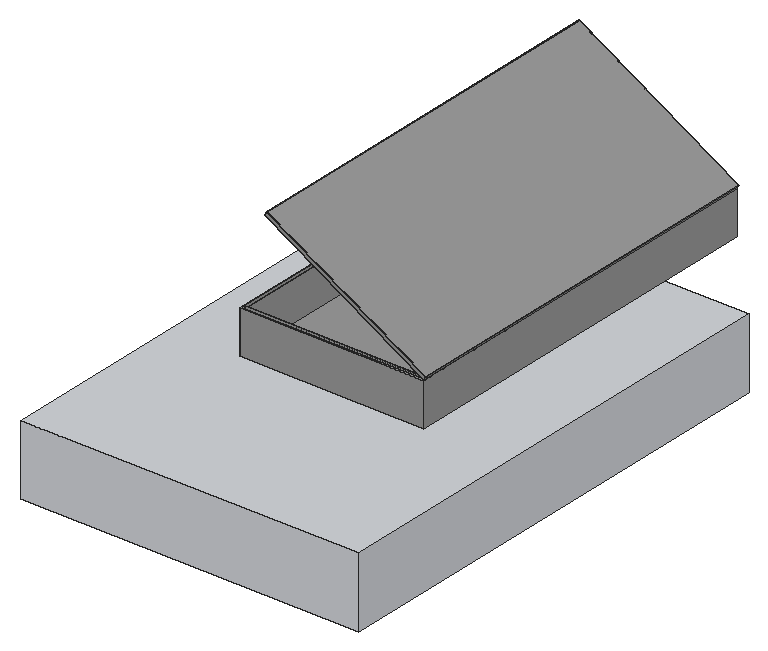
Revit family "Hager-Univers-IP44-D205-H1700-Cl.I-Encl-CH-de", category Equipement électrique, Revit 2020
Family settings
  Hôte = Face
  Configuration du panneau = Deux colonnes, circuits au sein
  Cote de connecteur circulaire = Utiliser le diamètre
  Type d'élément = Tableau de raccordement
  Couper avec des vides une fois chargée = Non
  Partagée = Non
  Point de calcul de pièce = Non
Parameters (values of type "Aufputz IP44 B800 H1700 T205  - FP13TN2")
  Width Control [instance] = if([EF000008 - Breite] > Min Width, [EF000008 - Breite], Min Width)  # 800 mm
  Commentaires du type = [HG000003 - Bereich]  # "Univers"
  Thickness Door [instance] = if([EF009171 - Materialstärke Tür/Deckel] > 3 mm, 3 mm, [EF009171 - Materialstärke Tür/Deckel])  # 1 mm
  Seal Frame Offset [instance] = 17 mm  # constant formula
  Plinth Visibility [instance] = [HG000027 - Sockelhöhe] > 0 mm  # no
  Model = ""
  Min Width [instance] = 100 mm  # constant formula
  Min Height [instance] = 100 mm  # constant formula
  Min Depth [instance] = (2 * [EF009170 - Materialstärke Gehäuse]) + 1 mm  # 3 mm
  Internal Frame Depth [instance] = (Door System Depth * 0.5)  # 9 mm
  Height Control [instance] = if([EF000040 - Höhe] > Min Height, [EF000040 - Höhe], Min Height)  # 1700 mm
  HG000027 - Sockelhöhe = 0 mm
  HG000026 - Stehend auf dem Boden = no
  HG000024 - Höhe des unteren Teils = 800 mm
  HG000023 - Gehäuse mit doppeltem Querschnitt = no
  HG000016 - 3D-Türsichtbarkeit [instance] = yes
  HG000015 - Sichtbarkeit der Türöffnung [instance] = no
  HG000014 - Tür rechts [instance] = yes
  HG000013 - Tür links [instance] = not([HG000014 - Tür rechts])  # no
  HG000012 - Türschwenkwinkel [instance] = 30.00°
  HG000010 - Asymmetrische Türen = no
  HG000009 - Doppelflügeligen Tür = no
  HG000006 - Unterputz = no
  HG000004 - Herstellerreferenz = "FP13TN2"
  HG000003 - Bereich = "Univers"
  HG000002 - Mit tür = yes
  Frame Offset Bottom [instance] = 10 mm  # constant formula
  Frame Offset [instance] = 15 mm  # constant formula
  EF015940 - Deckel mit Überdruckentlastung = no
  EF011959 - Schutzart (NEMA) = ""
  EF009554 - Anzahl der Öffnungen für Flanschplatten = 6
  Fabricant = "Hager"  # constant formula
  EF009212 - Ausführung Deckel = "EV000116 - geschlossen"
  EF009171 - Materialstärke Tür/Deckel = 1 mm
  EF009170 - Materialstärke Gehäuse = 1 mm
  EF008873 - Nennstrom (In) = 400 A
  EF007800 - Geeignet für Blitzschutz = no
  EF006306 - Mit Schloss = no
  EF006244 - Transparenter Deckel/Tür = no
  EF005474 - Schutzart (IP) = "EV006418 - IP44"
  EF004464 - Art der Tür = "EV002646 - Einzel"
  EF004427 - Anzahl der Module = 396
  EF004293 - Schlagfestigkeit = "EV006815 - IK09"
  EF003532 - Geeignet für Außengebrauch = no
  EF002950 - Breite in Teilungseinheiten = 36
  EF001613 - Funktionserhalt = "EV000494 - ohne"
  EF001596 - Werkstoff des Gehäuses = "EV000179 - Stahl"
  EF001131 - Innentiefe = 205 mm
  EF001088 - Anbaumöglichkeit = yes
  EF000437 - Anzahl der Leitungseinführungen = 6
  EF000339 - Art der Abdeckung = "EV001012 - Deckel"
  EF000266 - Anzahl der Reihen = 11
  EF000218 - Einbautiefe = 205 mm
  EF000118 - Mit Montageplatte = no
  EF000116 - RAL-Nummer = "9010"
  EF000049 - Tiefe = 205 mm
  EF000040 - Höhe = 1700 mm
  EF000008 - Breite = 800 mm
  EF000007 - Farbe = "EV000202 - weiß"
  EF000003 - Montageart = "EV000384 - Aufputz"
  Door System Leaf Tolerance [instance] = 1.5 mm  # constant formula
  Door System Depth [instance] = 18 mm  # constant formula
  Door Height [instance] = Height Control - [HG000027 - Sockelhöhe]  # 1700 mm
  Depth Control [instance] = if([EF000049 - Tiefe] > Min Depth, [EF000049 - Tiefe], Min Depth)  # 205 mm
  Default Elevation = 0 mm
  Connector Offset [instance] = Height Control / 2  # 850 mm
  Bottom Top Plate Trim [instance] = 1.5 mm  # constant formula
  Plinth height Ctrl [instance] = if([HG000027 - Sockelhöhe] > 0 mm, [HG000027 - Sockelhöhe], 12 mm)  # 12 mm
Types (5, lengths in mm): name | Width Control | HG000010 - Asymmetrische Türen | HG000009 - Doppelflügeligen Tür | HG000004 - Herstellerreferenz | EF009554 - Anzahl der Öffnungen für Flanschplatten | EF008873 - Nennstrom (In) | EF004464 - Art der Tür | EF004427 - Anzahl der Module | EF002950 - Breite in Teilungseinheiten | EF000437 - Anzahl der Leitungseinführungen | EF000008 - Breite
  Aufputz IP44 B1050 H1700 T205  - FP14TN2 | 1050 | no | yes | "FP14TN2" | 8 | 400 A | "EV003602 - Doppel" | 528 | 48 | 8 | 1050
  Aufputz IP44 B1300 H1700 T205  - FP15TN2 | 1300 | yes | yes | "FP15TN2" | 10 | 400 A | "EV003602 - Doppel" | 660 | 60 | 10 | 1300
  Aufputz IP44 B300 H1700 T205  - FP11TN2 | 300 | no | no | "FP11TN2" | 2 | 250 A | "EV002646 - Einzel" | 132 | 12 | 2 | 300
  Aufputz IP44 B550 H1700 T205  - FP12TN2 | 550 | no | no | "FP12TN2" | 4 | 250 A | "EV002646 - Einzel" | 264 | 24 | 4 | 550
  Aufputz IP44 B800 H1700 T205  - FP13TN2 | 800 | no | no | "FP13TN2" | 6 | 400 A | "EV002646 - Einzel" | 396 | 36 | 6 | 800
Reference planes
  plane 1 "Center (Front/Back)": y = 0
  plane 2: z = 0
  plane 3 "Center (Left/Right)": x = 0
  plane 4: z = 205
  plane 5: y = 1
  plane 6: y = 850
  plane 7: y = 0
  plane 8: y = 1700
  plane 9: z = 0
  plane 10: x = -385
  plane 11: x = 385
  plane 12: x = 384
  plane 13: x = -384
  plane 14: y = 1699
  plane 15: x = -383
  plane 16: x = -400
  plane 17: x = 383
  plane 18: x = 400
  plane 19: x = 399
  plane 20: x = -399
  plane 21: y = 11
  plane 22: y = 1700
  plane 23: y = 1684
  plane 24: z = 187
  plane 25: z = 1
  plane 26: z = 186
  plane 27: z = 204
Forms (mm)
  Extrusion 1, solid
    sketch origin (0, 0, 0) x (1, 0, 0) y (0, 1, 0)
      loop
        line (-702.964, 1305) -> (-702.964, -811.445) -> (766.763, -811.445) -> (766.763, 1305) -> (-702.964, 1305)
    from 0 to -304.8
  Extrusion 2, solid, material "Hager_Steel_RAL7035_Light_Grey", visible <- "Plinth Visibility", detail levels medium+fine
    sketch origin (0, 0, 0) x (1, 0, 0) y (0, 1, 0)
      loop
        line (-400, 0) -> (400, 0) -> (400, 12) -> (-400, 12) -> (-400, 0)
    from 0 to 187
  Extrusion 3, solid, material "Hager_Steel_RAL7035_Light_Grey", detail levels medium+fine
    sketch origin (0, 0, 0) x (1, 0, 0) y (0, 1, 0)
      loop
        line (-400, 0) -> (400, 0) -> (400, 1700) -> (-400, 1700) -> (-400, 0)
    from 0 to 187
  Extrusion 4, void
    sketch origin (0, 0, 0) x (1, 0, 0) y (0, 1, 0)
      loop
        line (-399, 1) -> (399, 1) -> (399, 1699) -> (-399, 1699) -> (-399, 1)
    from 1 to 186
  Extrusion 5, void
    sketch origin (-381.607, -4572, 187) x (0, -1, 0) y (-1, 0, 0)
      loop
        line (-4583, 2.393) -> (-6256, 2.393) -> (-6256, -765.607) -> (-4583, -765.607) -> (-4583, 2.393)
    from 0 to 1 <- "EF009170 - Materialstärke Gehäuse"
  Extrusion 6, solid, material "Hager_Steel_RAL7035_Light_Grey", detail levels fine
    sketch origin (0, 0, 187) x (1, 0, 0) y (0, 1, 0)
      loop
        line (-384, 1684) -> (-384, 11) -> (384, 11) -> (384, 1684) -> (-384, 1684)
      loop
        line (-385, 10) -> (385, 10) -> (385, 1685) -> (-385, 1685) -> (-385, 10)
    from 0 to 9 <- "Internal Frame Depth"
  Extrusion 7, solid, material "Hager_Steel_RAL7035_Light_Grey", detail levels coarse
    sketch origin (0, 0, 0) x (1, 0, 0) y (0, 1, 0)
      loop
        line (-400, 0) -> (400, 0) -> (400, 1700) -> (-400, 1700) -> (-400, 0)
    from 0 to 205
  Sweep 8, void
    path in 3D
      loop
        line (-400, 12, 0) -> (400, 12, 0) -> (400, 12, 187) -> (-400, 12, 187) -> (-400, 12, 0)
    profile origin (-400, 12, 93.5) x (-1, 0, 0) y (0, -1, 0)
      loop
        line (0, 0) -> (0, 1.5) -> (-1.5, 1.5)
        arc (-1.5, 1.5) -> (-1.061, 0.439) -> (0, 0) r 1.5
Cuts and joins
  Extrusion 4, Extrusion 5 cuts Extrusion 3
  Sweep 8 cuts Extrusion 2
Lines and regions (mm)
  Masking region 1
    outline origin (0, 0, 0) x (1, 0, 0) y (0, 0, 1)
      loop
        line (-400, 205) -> (-400, 0) -> (400, 0) -> (400, 205) -> (-400, 205)
  Masking region 2, detail levels medium+fine
    outline origin (0, 140, 0) x (0, 1, 0) y (0, 0, 1)
      loop
        line (-140, 0) -> (1560, 0) -> (1560, 187) -> (-140, 187) -> (-140, 0)
  Masking region 3, not visible, detail levels medium+fine
    outline origin (0, 297.922, 0) x (0, 1, 0) y (0, 0, 1)
      loop
        line (563.578, 0) -> (603.578, 0) -> (603.578, 194)
        arc (603.578, 194) -> (600.649, 201.071) -> (593.578, 204) r 10
        line (593.578, 204) -> (563.578, 204) -> (563.578, 0)
  Masking region 4, detail levels coarse
    outline origin (0, 0, 180) x (0, 1, 0) y (0, 0, 1)
      loop
        line (0, -180) -> (1700, -180) -> (1700, 25) -> (0, 25) -> (0, -180)
  Masking region 5, visible <- "Plinth Visibility", detail levels medium+fine
    outline origin (0, 52.24, 12.345) x (0, 0, -1) y (0, 1, 0)
      loop
        line (10.845, -40.24) -> (-173.155, -40.24)
        arc (-173.155, -40.24) -> (-173.594, -41.301) -> (-174.655, -41.74) r 1.5
        line (-174.655, -41.74) -> (-174.655, -52.24) -> (12.345, -52.24) -> (12.345, -41.74)
        arc (12.345, -41.74) -> (11.285, -41.301) -> (10.845, -40.24) r 1.5
  Masking region 6, detail levels medium+fine
    outline origin (-381.607, -4572, 187) x (-1, 0, 0) y (0, -1, 0)
      loop
        line (18.393, -6272) -> (18.393, -4572) -> (-781.607, -4572) -> (-781.607, -6272) -> (18.393, -6272)
  Masking region 7, visible <- "Plinth Visibility", detail levels medium+fine
    outline origin (-381.607, -4727, 187) x (-1, 0, 0) y (0, -1, 0)
      loop
        arc (16.893, -4739) -> (17.332, -4737.939) -> (18.393, -4737.5) r 1.5
        line (18.393, -4737.5) -> (18.393, -4727) -> (-781.607, -4727) -> (-781.607, -4737.5)
        arc (-781.607, -4737.5) -> (-780.546, -4737.939) -> (-780.107, -4739) r 1.5
        line (-780.107, -4739) -> (16.893, -4739)
  Masking region 8, detail levels coarse
    outline origin (-442.548, -4669.526, 187) x (-1, 0, 0) y (0, -1, 0)
      loop
        line (-42.548, -6369.526) -> (-42.548, -4669.526) -> (-842.548, -4669.526) -> (-842.548, -6369.526) -> (-42.548, -6369.526)
  sketch lines
    curve 1: line (-400, 12, 187) -> (-400, 12, 0)
    curve 2: line (400, 12, 187) -> (-400, 12, 187)
    curve 3: line (400, 12, 187) -> (400, 12, 0)
    curve 4: line (-400, 12, 0) -> (400, 12, 0)
Dimensions and locks
  "Depth Control": plane 4 to Extrusion 1
  "HG000027 - Sockelhöhe": plane 1 "Center (Front/Back)" to plane 7
  "EF009170 - Materialstärke Gehäuse": plane 5 to plane 7
  locked: connector elem to plane 3 "Center (Left/Right)"
  equal spacing: plane 8, plane 6, plane 7
  locked: connector elem to plane 6
  "EF009170 - Materialstärke Gehäuse": plane 8 to plane 14
  "EF009170 - Materialstärke Gehäuse": plane 10 to plane 13
  "EF009170 - Materialstärke Gehäuse": plane 12 to plane 11
  "Frame Offset": plane 20 to plane 13
  "Frame Offset": plane 12 to plane 19
  "EF009170 - Materialstärke Gehäuse": plane 16 to plane 20
  "EF009170 - Materialstärke Gehäuse": plane 19 to plane 18
  "Seal Frame Offset": plane 16 to plane 15
  "Seal Frame Offset": plane 17 to plane 18
  "Frame Offset Bottom": plane 21 to plane 5
  "Frame Offset": plane 14 to plane 23
  equal spacing: plane 16, plane 3 "Center (Left/Right)", plane 18
  "Width Control": plane 16 to plane 18
  "EF009170 - Materialstärke Gehäuse": plane 4 to plane 27
  "EF009170 - Materialstärke Gehäuse": plane 24 to plane 26
  "EF009170 - Materialstärke Gehäuse": plane 25 to level
  "Door System Depth": plane 4 to plane 24
  "Height Control": plane 1 "Center (Front/Back)" to Extrusion 7 sketch curve
  "Height Control": Masking region 4 sketch curve to plane 1 "Center (Front/Back)"
  "Height Control": plane 1 "Center (Front/Back)" to plane 22
  "Bottom Top Plate Trim": profile plane to Sweep 8 sketch curve
  "Bottom Top Plate Trim": Sweep 8 sketch curve to profile plane
  "Plinth height Ctrl": plane 1 "Center (Front/Back)" to Extrusion 2 sketch curve
  "Plinth height Ctrl": Masking region 5 sketch curve to plane 1 "Center (Front/Back)"
  "Plinth height Ctrl": plane 1 "Center (Front/Back)" to Masking region 7 sketch curve
  "Thickness Door": Extrusion 6 sketch curve to Extrusion 6 sketch curve  (x3)
  "Thickness Door": cut or joined group of Extrusion 3, Extrusion 4, Extrusion 5 to Extrusion 6 sketch curve
  radius of Masking region 3 sketch curve = 10 mm
  "Bottom Top Plate Trim": radius of Masking region 5 sketch curve  (x2)
  "Bottom Top Plate Trim": radius of Sweep 8 sketch curve
  "Bottom Top Plate Trim": radius of Masking region 7 sketch curve  (x2)
  aligned and locked: plane 2 to Extrusion 1
  aligned and locked: level to Extrusion 1
  aligned and locked: level to Masking region 1 sketch curve
  aligned and locked: Masking region 1 sketch curve to plane 18
  aligned and locked: Masking region 1 sketch curve to plane 16
  aligned and locked: plane 7 to Masking region 2 sketch curve
  aligned and locked: level to Masking region 3 sketch curve
  aligned and locked: Masking region 3 sketch curve to plane 27
  aligned and locked: level to Masking region 2 sketch curve
  aligned and locked: plane 1 "Center (Front/Back)" to Extrusion 2 sketch curve
  aligned and locked: Extrusion 3 sketch curve to plane 7
  aligned and locked: plane 16 to Extrusion 3 sketch curve
  aligned and locked: plane 18 to Extrusion 3 sketch curve
  aligned and locked: plane 20 to Extrusion 4 sketch curve
  aligned and locked: plane 19 to Extrusion 4 sketch curve
  aligned and locked: Extrusion 4 sketch curve to plane 5
  aligned and locked: Extrusion 4 to plane 25
  aligned and locked: plane 26 to Extrusion 4
  aligned and locked: plane 24 to Extrusion 3
  aligned and locked: Extrusion 5 sketch curve to plane 21
  aligned and locked: Extrusion 5 sketch curve to plane 13
  aligned and locked: Extrusion 5 sketch curve to plane 12
  aligned and locked: plane 18 to Extrusion 7 sketch curve
  aligned and locked: plane 1 "Center (Front/Back)" to Extrusion 7 sketch curve
  aligned and locked: plane 16 to Extrusion 7 sketch curve
  aligned and locked: plane 4 to Extrusion 7
  aligned and locked: Extrusion 7 to level
  aligned and locked: level to Masking region 4 sketch curve
  aligned and locked: Masking region 4 sketch curve to plane 1 "Center (Front/Back)"
  aligned and locked: Masking region 4 sketch curve to plane 4
  aligned and locked: nested 1 to level
  aligned and locked: nested 1 to plane 16
  aligned and locked: plane 8 to Extrusion 3 sketch curve
  aligned and locked: plane 23 to Extrusion 5 sketch curve
  aligned and locked: plane 14 to Extrusion 4 sketch curve
  aligned and locked: Masking region 2 sketch curve to plane 8
  aligned and locked: level to Masking region 5 sketch curve
  aligned and locked: plane 16 to Extrusion 2 sketch curve
  aligned and locked: plane 18 to Extrusion 2 sketch curve
  aligned and locked: Masking region 5 sketch curve to plane 24
  aligned and locked: Masking region 2 sketch curve to plane 24
  aligned and locked: plane 24 to Extrusion 2
  aligned and locked: profile plane to Sweep 8 sketch curve  (x2)
  aligned and locked: Masking region 6 sketch curve to plane 18
  aligned and locked: Masking region 6 sketch curve to plane 22
  aligned and locked: Masking region 6 sketch curve to plane 16
  aligned and locked: plane 8 to plane 22
  aligned and locked: Masking region 6 sketch curve to plane 7
  aligned and locked: Masking region 7 sketch curve to plane 16
  aligned and locked: Masking region 7 sketch curve to plane 1 "Center (Front/Back)"
  aligned and locked: Masking region 7 sketch curve to plane 18
  aligned and locked: Masking region 8 sketch curve to plane 1 "Center (Front/Back)"
  aligned and locked: Masking region 8 sketch curve to plane 18
  aligned and locked: Masking region 8 sketch curve to plane 22
  aligned and locked: Masking region 8 sketch curve to plane 16
  aligned and locked: nested 2 to plane 7
  aligned and locked: plane 3 "Center (Left/Right)" to nested 2
  aligned and locked: nested 2 to plane 24
  aligned and locked: Extrusion 6 sketch curve to cut or joined group of Extrusion 3, Extrusion 4, Extrusion 5  (x4)
Automatic sketch dimensions
  Extrusion 1 sketch curve to Extrusion 1 sketch curve = 1469.727 mm
  Extrusion 1 sketch curve to Extrusion 1 sketch curve = 2116.445 mm
  Masking region 1 sketch curve to plane 4 = 0 mm
  plane 6 to Masking region 3 sketch curve = 11.5 mm
  Masking region 3 sketch curve to Masking region 3 sketch curve = 30 mm
  Masking region 5 sketch curve to plane 1 "Center (Front/Back)" = 0 mm
Nested families
  nested 1: "Hager_Enclosure_Symbol" at (-400, 0, 0) x (1, 0, 0) z (0, -1, 0), Height <- "Depth Control", Width <- "Width Control", type "Hager_Enclosure_Symbol"
    with Width_Ctrl 800 mm, Width 800 mm, Height_Ctrl 205 mm, Height 205 mm, A_Width_Int 13.453 mm, A_Width 161.438 mm, A_Height_Ctrl 179.375 mm, A_Height 179.375 mm
  nested 2: "EC000058_Univers_Door" at (0, 0, 187) x (1, 0, 0) z (0, 1, 0), Leaf_Tolerance <- "Door System Leaf Tolerance", Angle <- "HG000012 - Türschwenkwinkel", Door_Depth <- "Door System Depth", Door_Left <- "HG000013 - Tür links", Transparent <- "EF006244 - Transparenter Deckel/Tür", Assymetrical <- "HG000010 - Asymmetrische Türen", Width <- "Width Control", Clearance <- "HG000015 - Sichtbarkeit der Türöffnung", Double <- "HG000009 - Doppelflügeligen Tür", 3d_Door <- "HG000016 - 3D-Türsichtbarkeit", Lock_Visibility <- "EF006306 - Mit Schloss", Width_Ctrl <- "Width Control", Door_Right <- "HG000014 - Tür rechts", Door <- "HG000002 - Mit tür", Height <- "Door Height", Thickness <- "Thickness Door", type "EC000058_Univers_Door", detail levels medium+fine
    with min_wh 3 mm, Width_Ctrl 800 mm, Width 800 mm, Transparent no, Thickness 1 mm, Seal_Material Hager_Rubber, Lock_Visibility no, Lock_Material Hager_Plastic_RAL9005_Jet_Black, Leaf_Width 800 mm, Leaf_Tolerance_External_Sides 0 mm, Leaf_Tolerance 1.5 mm, Leaf_Offset 0 mm, Leaf_Height 1697 mm, Leaf_2_Width 800 mm, Leaf_2_Offset 400 mm, Leaf_1_Width 800 mm, Leaf_1_Offset 400 mm, Height_Ctrl 1700 mm, Height 1700 mm, Glass_Material Hager_Glass, Double_Clearance_Ctrl no, Double no, Door_Right_Ctrl yes, Door_Right yes, Door_Material Hager_Steel_RAL7035_Light_Grey, Door_Left_Ctrl no, Door_Left no, Door_Depth 18 mm, Door yes, Clearance_Material Hager_Clearance, Clearance_Depth 800 mm, Clearance_Ctrl no, Clearance no, Assymetrical no, Angle 30.00°, 3d_Door yes
Connectors
  electrical at (0, 850, 0)
    settings: on plane 9, index 1, voltage 0 V, apparent load 0 VA, apparent load phase1 0 VA, apparent load phase2 0 VA, apparent load phase3 0 VA, power factor 1, load classification "Other", number of poles 1, system type 30, power factor state 1, is connector primary yes, connector utility no, sub classification motor no, connector description ""
Definition of nested family "EC000058_Univers_Door"
  Parameters (values of type "EC000058_Univers_Door")
    min_wh [instance] = (2 * Thickness) + 1 mm  # 11 mm
    Width_Ctrl [instance] = 400 mm
    Width [instance] = 500 mm
    Transparent [instance] = yes
    Thickness [instance] = 5 mm
    Seal_Material [instance] = none
    Lock_Visibility [instance] = yes
    Lock_Material [instance] = none
    Leaf_Width [instance] = if((Width_Ctrl - 2 * Leaf_Tolerance_External_Sides) > 0 mm, (Width_Ctrl - 2 * Leaf_Tolerance_External_Sides), min_wh)  # 400 mm
    Leaf_Tolerance_External_Sides [instance] = 0 mm  # constant formula
    Leaf_Tolerance [instance] = 1.5 mm
    Leaf_Offset [instance] = 0 mm  # constant formula
    Leaf_Height [instance] = if((Height_Ctrl - 2 * Leaf_Tolerance) > 0 mm, (Height_Ctrl - 2 * Leaf_Tolerance), min_wh)  # 497 mm
    Leaf_2_Width [instance] = if(and(and(Double, Assymetrical), Door_Left), (Leaf_Width / 3) - (Leaf_Tolerance / 2), if(and(and(Double, Assymetrical), Door_Right), (Leaf_Width / 3) * 2 - (Leaf_Tolerance / 2), if(and(Double, not(Assymetrical)), (Leaf_Width / 2) - Leaf_Tolerance, Leaf_Width)))  # 400 mm
    Leaf_2_Offset [instance] = if(and(Double, Assymetrical), Leaf_2_Width / 2, if(and(Double, not(Assymetrical)), Leaf_Width / 4, Leaf_Width / 2))  # 200 mm
    Leaf_1_Width [instance] = if(and(and(Double, Assymetrical), Door_Right), (Leaf_Width / 3) - (Leaf_Tolerance / 2), if(and(and(Double, Assymetrical), Door_Left), (Width / 3) * 2 - (Leaf_Tolerance / 2), if(and(Double, not(Assymetrical)), (Leaf_Width / 2) - Leaf_Tolerance, Leaf_Width)))  # 400 mm
    Leaf_1_Offset [instance] = if(and(Double, Assymetrical), Leaf_1_Width / 2, if(and(Double, not(Assymetrical)), Leaf_Width / 4, Leaf_Width / 2))  # 200 mm
    Height_Ctrl [instance] = if(Height > min_wh, Height, min_wh)  # 500 mm
    Height [instance] = 500 mm
    Glass_Material [instance] = none
    Double_Clearance_Ctrl [instance] = and(Double, Clearance)  # no
    Double [instance] = no
    Door_Right_Ctrl [instance] = and(or(Door_Right, Double), Door)  # yes
    Door_Right [instance] = yes
    Door_Material [instance] = none
    Door_Left_Ctrl [instance] = and(or(Door_Left, Double), Door)  # no
    Door_Left [instance] = no
    Door_Depth [instance] = 30 mm
    Door [instance] = yes
    Default Elevation = 1219.2 mm
    Clearance_Material [instance] = none
    Clearance_Depth [instance] = if(Leaf_1_Width > Leaf_2_Width, Leaf_1_Width, Leaf_2_Width)  # 400 mm
    Clearance_Ctrl [instance] = and(not(Double), Clearance)  # yes
    Clearance [instance] = yes
    Assymetrical [instance] = yes
    Angle [instance] = 30.00°
    3d_Door [instance] = yes
  Reference planes
    plane 1 "Center (Front/Back)": y = 0
    plane 2 "Bottom": z = 0
    plane 3 "Center (Left/Right)": x = 0
    plane 4: z = 500
    plane 5: x = -200
    plane 6: x = 200
    plane 7: z = 500
    plane 8: x = -200
    plane 9: z = 0
    plane 10: x = 200
    plane 11: y = 0
    plane 12: z = 1.5
    plane 13: x = -600
    plane 14: y = -400
    plane 15: x = 600
    plane 16: x = 0
    plane 17: x = 0
    plane 18: x = -200
    plane 19: x = 200
    plane 20: z = 498.5
  Forms (mm)
    Extrusion 1, solid, material <- "Clearance_Material", visible <- "Double_Clearance_Ctrl"
      sketch origin (1200, 0, 0) x (1, 0, 0) y (0, 0, -1)
        loop
          line (-1800, -498.5) -> (-600, -498.5) -> (-600, 0) -> (-1800, 0) -> (-1800, -498.5)
      from 0 to -400
  Dimensions and locks
    equal spacing: plane 5, plane 3 "Center (Left/Right)", plane 6
    "Width_Ctrl": plane 5 to plane 6
    "Leaf_Offset": plane 5 to plane 8
    "Leaf_Offset": plane 6 to plane 10
    "Leaf_Offset": plane 9 to level
    "Leaf_Offset": plane 4 to plane 7
    "Height_Ctrl": plane 4 to level
    "Leaf_Tolerance": plane 12 to plane 9
    locked: plane 11 to plane 1 "Center (Front/Back)"
    "Leaf_1_Offset": plane 18 to plane 16
    "Leaf_2_Offset": plane 17 to plane 19
    "Leaf_1_Width": plane 13 to plane 8
    "Leaf_2_Width": plane 10 to plane 15
    "Clearance_Depth": plane 14 to plane 1 "Center (Front/Back)"
    "Leaf_Tolerance_External_Sides": plane 8 to plane 18
    "Leaf_Tolerance_External_Sides": plane 19 to plane 10
    "Leaf_Tolerance": plane 7 to plane 20
    aligned and locked: level to plane 2 "Bottom"
    aligned and locked: nested 1 to plane 16
    aligned and locked: nested 2 to plane 17
    aligned and locked: Extrusion 1 to plane 13
    aligned and locked: plane 15 to Extrusion 1
    aligned and locked: Extrusion 1 to plane 14
    aligned and locked: plane 12 to nested 1
    aligned and locked: nested 2 to plane 12
    aligned and locked: Extrusion 1 to plane 11
    aligned and locked: plane 20 to Extrusion 1
    aligned and locked: nested 2 to plane 11
    aligned and locked: nested 1 to plane 11
  Automatic sketch dimensions
    Extrusion 1 sketch curve to level = 0 mm
    plane 5 to Extrusion 1 sketch curve = 400 mm
    plane 6 to Extrusion 1 sketch curve = 400 mm
    Extrusion 1 sketch curve to plane 4 = 1.5 mm
  Nested families
    nested 1: "EC000058_Univers_Door_Leaf" at (0, 0, 1.5), Width <- "Leaf_1_Width", visible <- "Door_Left_Ctrl", Leaf_Height <- "Leaf_Height", Angle <- "Angle", 3d_Door <- "3d_Door", Transparent <- "Transparent", Clearance Material <- "Clearance_Material", Clearance <- "Clearance_Ctrl", Door_Material <- "Door_Material", Glass_Material <- "Glass_Material", Door_Depth <- "Door_Depth", Lock_Material <- "Lock_Material", Seal_Material <- "Seal_Material", Lock_Visibility <- "Lock_Visibility", Thickness <- "Thickness", type "EC000058_Univers_Door_Leaf"
      with Width 400 mm, Transparent_Glass_Offset 30 mm, Transparent_Ctrl yes, Transparent yes, Thickness 5 mm, Standard no, Seal_Material none, Seal_D2 8 mm, Seal_D1 1 mm, Offset_Internal_Frame 10 mm, Lock_Width 20 mm, Lock_Visibility_3d yes, Lock_Visibility yes, Lock_Thickness_3 3 mm, Lock_Thickness_2 1 mm, Lock_Thickness_1 3 mm, Lock_Radius_Offset_2 16 mm, Lock_Radius_Offset_1 15 mm, Lock_Radius_2 5 mm, Lock_Radius 6 mm, Lock_Offset 5 mm, Lock_Material none, Lock_Height 80 mm, Lock_Cover_Top_Offset_2d 17 mm, Lock_Cover_Height -65 mm, Leaf_Height 497 mm, Internal_Seal_Thickness 8 mm, Internal_Seal_Depth_2 4.5 mm, Internal_Frame_Depth 25 mm, Glass_Thickness -1 mm, Glass_Offset -2 mm, Glass_Material none, Door_Material none, Door_Depth 30 mm, Clearance Material none, Clearance yes, Angle_Ctrl 30.00°, Angle 30.00°, 3d_Door yes
    nested 2: "EC000058_Univers_Door_Leaf" at (0, 0, 1.5) x (-1, 0, 0) z (0, 0, 1), Width <- "Leaf_2_Width", visible <- "Door_Right_Ctrl", Leaf_Height <- "Leaf_Height", Angle <- "Angle", 3d_Door <- "3d_Door", Transparent <- "Transparent", Clearance Material <- "Clearance_Material", Clearance <- "Clearance_Ctrl", Door_Material <- "Door_Material", Glass_Material <- "Glass_Material", Door_Depth <- "Door_Depth", Lock_Material <- "Lock_Material", Seal_Material <- "Seal_Material", Lock_Visibility <- "Lock_Visibility", Thickness <- "Thickness", type "EC000058_Univers_Door_Leaf"
      with Width 400 mm, Transparent_Glass_Offset 30 mm, Transparent_Ctrl yes, Transparent yes, Thickness 5 mm, Standard no, Seal_Material none, Seal_D2 8 mm, Seal_D1 1 mm, Offset_Internal_Frame 10 mm, Lock_Width 20 mm, Lock_Visibility_3d yes, Lock_Visibility yes, Lock_Thickness_3 3 mm, Lock_Thickness_2 1 mm, Lock_Thickness_1 3 mm, Lock_Radius_Offset_2 16 mm, Lock_Radius_Offset_1 15 mm, Lock_Radius_2 5 mm, Lock_Radius 6 mm, Lock_Offset 5 mm, Lock_Material none, Lock_Height 80 mm, Lock_Cover_Top_Offset_2d 17 mm, Lock_Cover_Height -65 mm, Leaf_Height 497 mm, Internal_Seal_Thickness 8 mm, Internal_Seal_Depth_2 4.5 mm, Internal_Frame_Depth 25 mm, Glass_Thickness -1 mm, Glass_Offset -2 mm, Glass_Material none, Door_Material none, Door_Depth 30 mm, Clearance Material none, Clearance yes, Angle_Ctrl 30.00°, Angle 30.00°, 3d_Door yes
  Definition of nested family "EC000058_Univers_Door_Leaf"
    Parameters (values of type "EC000058_Univers_Door_Leaf")
      Width [instance] = 2000 mm
      Transparent_Glass_Offset [instance] = 30 mm
      Transparent_Ctrl [instance] = and(Transparent, [3d_Door])  # yes
      Transparent [instance] = yes
      Thickness [instance] = 5 mm
      Standard [instance] = and(not(Transparent), [3d_Door])  # no
      Seal_Material [instance] = none
      Seal_D2 [instance] = 8 mm  # constant formula
      Seal_D1 [instance] = 1 mm  # constant formula
      Offset_Internal_Frame [instance] = 10 mm  # constant formula
      Lock_Width [instance] = 20 mm  # constant formula
      Lock_Visibility_3d [instance] = and(Lock_Visibility, [3d_Door])  # yes
      Lock_Visibility [instance] = yes
      Lock_Thickness_3 [instance] = 3 mm  # constant formula
      Lock_Thickness_2 [instance] = 1 mm  # constant formula
      Lock_Thickness_1 [instance] = 3 mm  # constant formula
      Lock_Radius_Offset_2 [instance] = Lock_Radius_Offset_1 + 1 mm  # 16 mm
      Lock_Radius_Offset_1 [instance] = 15 mm  # constant formula
      Lock_Radius_2 [instance] = Lock_Radius - 1 mm  # 5 mm
      Lock_Radius [instance] = 6 mm  # constant formula
      Lock_Offset [instance] = 5 mm  # constant formula
      Lock_Material [instance] = none
      Lock_Height [instance] = 80 mm  # constant formula
      Lock_Cover_Top_Offset_2d [instance] = Lock_Radius_Offset_2 + 1 mm  # 17 mm
      Lock_Cover_Height [instance] = -(Lock_Height - Lock_Radius_Offset_1)  # -65 mm
      Leaf_Height [instance] = 2720.336 mm
      Internal_Seal_Thickness [instance] = 8 mm  # constant formula
      Internal_Seal_Depth_2 [instance] = 4.5 mm  # constant formula
      Internal_Frame_Depth [instance] = if(Door_Depth - Thickness > 5 mm, Door_Depth - Thickness, 5 mm)  # 25 mm
      Glass_Thickness [instance] = if(Thickness > 15 mm, Glass_Offset + 10 mm, -1 mm)  # -1 mm
      Glass_Offset [instance] = if(Thickness > 15 mm, -(Thickness + 10 mm) / 2, -2 mm)  # -2 mm
      Glass_Material [instance] = none
      Door_Material [instance] = none
      Door_Depth [instance] = 30 mm
      Default Elevation = 0 mm
      Clearance Material [instance] = none
      Clearance [instance] = yes
      Angle_Ctrl [instance] = if(Angle > 180.00°, 180.00°, Angle)  # 90.00°
      Angle [instance] = 90.00°
      3d_Door [instance] = yes
    Reference planes
      plane 1 "Center (Front/Back)": y = 0
      plane 2: z = 0
      plane 3 "Center (Left/Right)": x = 0
      plane 4: y = 2000
      plane 5: x = -1000
      plane 6: x = 1000
      plane 7: x = -3000
      plane 8: z = 2720.336
      plane 9: z = 30
      plane 10: z = 2690.336
      plane 11: x = 970
      plane 12: x = -970
      plane 13: y = -3
      plane 14: z = 107.833
      plane 15: y = -5
      plane 16: y = -223.314
      plane 17: x = -1000
      plane 18: z = 1360.168
      plane 19: y = 30
    Forms (mm)
      Extrusion 1, solid, material <- "Clearance Material", visible <- "Clearance"
        sketch origin (0, 0, 0) x (1, 0, 0) y (0, 0, 1)
          loop
            line (-3000, 2720.336) -> (-3000, 0) -> (1000, 0) -> (1000, 2720.336) -> (-3000, 2720.336)
        from 0 to -2000
      Extrusion 2, solid, material <- "Door_Material", visible <- "Standard", detail levels medium+fine
        sketch origin (-1000, 0, 0) x (0, 1, 0) y (-1, 0, 0)
          loop
            line (0, 30) -> (0, 25) -> (2000, 25) -> (2000, 30) -> (0, 30)
        from 0 to 2720.336 <- "Leaf_Height"
      Extrusion 3, solid, material <- "Door_Material", visible <- "Transparent_Ctrl", detail levels medium+fine
        sketch origin (-1000, 0, 0) x (0, 1, 0) y (-1, 0, 0)
          loop
            line (0, 25) -> (2000, 25) -> (2000, 30) -> (0, 30) -> (0, 25)
        from 0 to 2720.336 <- "Leaf_Height"
      Extrusion 4, void
        sketch origin (-1025, 2000, 0) x (0, 1, 0) y (0, 0, -1)
          loop
            line (-30, -2690.336) -> (-30, -30) -> (-1970, -30) -> (-1970, -2690.336) -> (-30, -2690.336)
        from 0 to 5 <- "Thickness"
      Sweep 5, solid, material <- "Seal_Material", visible <- "Transparent_Ctrl", detail levels fine
        path in 3D
          loop
            line (-1025, 30, 30) -> (-1025, 30, 2690.336) -> (-1025, 1970, 2690.336) -> (-1025, 1970, 30) -> (-1025, 30, 30)
        profile origin (-1025, 1000, 30) x (1, 0, 0) y (0, 0, 1)
          loop
            line (0, 0) -> (0, -8) -> (1, -8) -> (1, 0) -> (0, 0)
      Extrusion 6, solid, material <- "Glass_Material", visible <- "Transparent_Ctrl", detail levels medium+fine
        sketch origin (-1030, 0, 0) x (0, 1, 0) y (0, 0, -1)
          loop
            line (1970, -2690.336) -> (1970, -30) -> (30, -30) -> (30, -2690.336) -> (1970, -2690.336)
        from -2 <- "Glass_Offset" to -1 <- "Glass_Thickness"
      Extrusion 7, solid, material <- "Door_Material", visible <- "3d_Door", detail levels medium+fine
        sketch origin (-1025, 2000, 0) x (0, -1, 0) y (0, 0, -1)
          loop
            line (0, -2720.336) -> (2000, -2720.336) -> (2000, 0) -> (0, 0) -> (0, -2720.336)
          loop
            line (1995, -5) -> (5, -5) -> (5, -2715.336) -> (1995, -2715.336) -> (1995, -5)
        from 0 to 25 <- "Internal_Frame_Depth"
      Sweep 8, solid, material <- "Seal_Material", visible <- "Transparent_Ctrl", detail levels fine
        path in 3D
          loop
            line (-1025, 0, 0) -> (-1025, 2000, 0) -> (-1025, 2000, 2720.336) -> (-1025, 0, 2720.336) -> (-1025, 0, 0)
        profile origin (-1025, 0, 1360.168) x (1, 0, 0) y (0, 1, 0)
          loop
            line (0, 10) -> (2.975, 10)
            arc (2.975, 10) -> (4.053, 10.447) -> (4.5, 11.525) r 1.525
            line (4.5, 11.525) -> (4.5, 16.527)
            arc (4.5, 16.527) -> (4.069, 17.569) -> (3.027, 18) r 1.473
            line (3.027, 18) -> (0, 18) -> (0, 10)
      Extrusion 9, solid, material <- "Lock_Material", visible <- "Lock_Visibility_3d", detail levels fine
        sketch origin (-1030, 0, 0) x (0, 1, 0) y (0, 0, -1)
          loop
            arc (1993.5, -1400.168) -> (1994.561, -1399.729) -> (1995, -1398.668) r 1.5
            line (1995, -1398.668) -> (1995, -1320.168) -> (1975, -1320.168) -> (1975, -1398.668)
            arc (1975, -1398.668) -> (1975.439, -1399.729) -> (1976.5, -1400.168) r 1.5
            line (1976.5, -1400.168) -> (1993.5, -1400.168)
        from 3 <- "Lock_Thickness_1" to 0
      Blend 10, solid, material <- "Lock_Material", visible <- "Lock_Visibility_3d", detail levels fine
        base sketch origin (-1033, 0, 0) x (0, 1, 0) y (0, 0, -1)
          loop
            line (1975, -1320.168) -> (1975, -1398.668)
            arc (1975, -1398.668) -> (1975.439, -1399.729) -> (1976.5, -1400.168) r 1.5
            line (1976.5, -1400.168) -> (1993.5, -1400.168)
            arc (1993.5, -1400.168) -> (1994.561, -1399.729) -> (1995, -1398.668) r 1.5
            line (1995, -1398.668) -> (1995, -1320.168) -> (1975, -1320.168)
        top sketch origin (-1033, 0, 0) x (0, 1, 0) y (0, 0, -1)
          loop
            line (1976, -1320.168) -> (1976, -1398.668)
            arc (1976, -1398.668) -> (1976.146, -1399.022) -> (1976.5, -1399.168) r 0.5
            line (1976.5, -1399.168) -> (1993.5, -1399.168)
            arc (1993.5, -1399.168) -> (1993.854, -1399.022) -> (1994, -1398.668) r 0.5
            line (1994, -1398.668) -> (1994, -1320.168) -> (1976, -1320.168)
        from 0 to 1 <- "Lock_Thickness_2"
      Blend 11, solid, material <- "Lock_Material", visible <- "Lock_Visibility_3d", detail levels fine
        base sketch origin (-1034, 0, 0) x (0, 1, 0) y (0, 0, -1)
          loop
            line (1978, -1320.168) -> (1978, -1384.168)
            arc (1978, -1384.168) -> (1985, -1391.168) -> (1992, -1384.168) r 7
            line (1992, -1384.168) -> (1992, -1320.168) -> (1978, -1320.168)
        top sketch origin (-1034, 0, 0) x (0, 1, 0) y (0, 0, -1)
          loop
            line (1991, -1320.168) -> (1979, -1320.168) -> (1979, -1383.168)
            arc (1979, -1383.168) -> (1985, -1389.168) -> (1991, -1383.168) r 6
            line (1991, -1383.168) -> (1991, -1320.168)
        from 0 to 3 <- "Lock_Thickness_3"
      Extrusion 12, solid, material <- "Lock_Material", visible <- "Lock_Visibility_3d", detail levels fine
        sketch origin (-1030, 1975, 1320.168) x (1, 0, 0) y (0, -1, 0)
          loop
            line (-7, -19) -> (-7, -1) -> (0, -1) -> (0, 0) -> (-8, 0) -> (-8, -20) -> (0, -20) -> (0, -19) -> (-7, -19)
        from 0 to -65 <- "Lock_Cover_Height"
      Extrusion 13, void
        sketch origin (-1038, 1995, 1320.168) x (-1, 0, 0) y (0, 0, -1)
          loop
            line (-5, -65) -> (0, -65) -> (-5, -60) -> (-5, -65)
        from 0 to 20 <- "Lock_Width"
      Extrusion 14, void
        sketch origin (-1038, 1975, 1320.168) x (0, -1, 0) y (0, 0, -1)
          loop
            circle (-10, -15.995) r 6
          loop
            circle (-10, -15.995) r 5
        from 0 to 2
      Extrusion 15, solid, material <- "Lock_Material", visible <- "Lock_Visibility_3d", detail levels medium
        sketch origin (-1030, 0, 0) x (0, 1, 0) y (0, 0, -1)
          loop
            arc (1993.5, -1400.168) -> (1994.561, -1399.729) -> (1995, -1398.668) r 1.5
            line (1995, -1398.668) -> (1995, -1320.168) -> (1975, -1320.168) -> (1975, -1398.668)
            arc (1975, -1398.668) -> (1975.439, -1399.729) -> (1976.5, -1400.168) r 1.5
            line (1976.5, -1400.168) -> (1993.5, -1400.168)
        from 8 to 0
    Cuts and joins
      Extrusion 4 cuts Extrusion 3
      Extrusion 13, Extrusion 14 cuts Extrusion 9
      Extrusion 14 cuts Blend 11
      Extrusion 13, Extrusion 14 cuts Extrusion 12
      joined: Extrusion 9, Blend 10, Blend 11, Extrusion 12
      Extrusion 14 cuts Extrusion 15
    Lines and regions (mm)
      Masking region 1, visible <- "Lock_Visibility", detail levels fine
        outline origin (0, 0, 0) x (0, 1, 0) y (0, 0, 1)
          loop
            line (30, 1320.168) -> (33, 1320.168) -> (33, 1400.168) -> (30, 1400.168) -> (30, 1320.168)
      Masking region 2, visible <- "Lock_Visibility", detail levels fine
        outline origin (0, 3.143, 0) x (0, 1, 0) y (0, 0, 1)
          loop
            line (29.857, 1354.168) -> (30.857, 1354.168) -> (30.857, 1366.168) -> (29.857, 1366.168) -> (29.857, 1354.168)
      Masking region 3, detail levels medium+fine
        outline origin (0, 0, 0) x (0, 1, 0) y (0, 0, 1)
          loop
            line (0, 0) -> (30, 0) -> (30, 2720.336) -> (0, 2720.336) -> (0, 0)
      Masking region 4, detail levels medium+fine
        outline origin (0, 0, 0) x (1, 0, 0) y (0, 0, 1)
          loop
            line (-1000, 2720.336) -> (-1000, 0) -> (1000, 0) -> (1000, 2720.336) -> (-1000, 2720.336)
      Masking region 5, visible <- "Lock_Visibility", detail levels fine
        outline origin (-47.116, 0, 0) x (1, 0, 0) y (0, 0, 1)
          loop
            arc (1024.616, 1399.168) -> (1023.556, 1398.729) -> (1023.116, 1397.668) r 1.5
            line (1023.116, 1397.668) -> (1023.116, 1320.168) -> (1041.116, 1320.168) -> (1041.116, 1397.668)
            arc (1041.116, 1397.668) -> (1040.677, 1398.729) -> (1039.616, 1399.168) r 1.5
            line (1039.616, 1399.168) -> (1024.616, 1399.168)
      Masking region 6, visible <- "Lock_Visibility", detail levels medium+fine
        outline origin (-25, 0, 0) x (1, 0, 0) y (0, 0, 1)
          loop
            arc (1001.5, 1400.168) -> (1000.439, 1399.729) -> (1000, 1398.668) r 1.5
            line (1000, 1398.668) -> (1000, 1320.168) -> (1020, 1320.168) -> (1020, 1398.668)
            arc (1020, 1398.668) -> (1019.561, 1399.729) -> (1018.5, 1400.168) r 1.5
            line (1018.5, 1400.168) -> (1001.5, 1400.168)
      Masking region 7, visible <- "Lock_Visibility", detail levels fine
        outline origin (-73.735, 0, 0) x (1, 0, 0) y (0, 0, 1)
          loop
            line (1051.735, 1382.168) -> (1065.735, 1382.168) -> (1065.735, 1384.168)
            arc (1065.735, 1384.168) -> (1058.735, 1391.168) -> (1051.735, 1384.168) r 7
            line (1051.735, 1384.168) -> (1051.735, 1382.168)
      Masking region 8, visible <- "Lock_Visibility", detail levels fine
        outline origin (-73.735, 0, 0) x (1, 0, 0) y (0, 0, 1)
          loop
            line (1052.735, 1382.168) -> (1064.735, 1382.168) -> (1064.735, 1383.168)
            arc (1064.735, 1383.168) -> (1058.735, 1389.168) -> (1052.735, 1383.168) r 6
            line (1052.735, 1383.168) -> (1052.735, 1382.168)
      Masking region 9, visible <- "Lock_Visibility", detail levels fine
        outline origin (-25, 0, 0) x (1, 0, 0) y (0, 0, 1)
          loop
            line (1020, 1320.168) -> (1020, 1382.168) -> (1000, 1382.168) -> (1000, 1320.168) -> (1020, 1320.168)
      Masking region 10, detail levels medium+fine
        outline origin (0, 0, 0) x (1, 0, 0) y (0, 0, 1)
          loop
            circle (985, 1335.144) r 6
      Masking region 11, detail levels fine
        outline origin (0, 0, 0) x (1, 0, 0) y (0, 0, 1)
          loop
            circle (985, 1335.144) r 5
      Masking region 12, visible <- "Lock_Visibility", detail levels fine
        outline origin (0, 12.767, 0) x (0, 1, 0) y (0, 0, 1)
          loop
            line (20.233, 1320.168) -> (21.233, 1320.168) -> (21.233, 1399.168) -> (20.233, 1400.168) -> (20.233, 1320.168)
      Masking region 13, visible <- "Lock_Visibility", detail levels fine
        outline origin (0, 13.767, -10) x (0, 1, 0) y (0, 0, 1)
          loop
            line (20.233, 1330.168) -> (23.233, 1330.168) -> (23.233, 1399.168) -> (20.233, 1402.168) -> (20.233, 1330.168)
      Masking region 14, visible <- "Lock_Visibility", detail levels fine
        outline origin (0, 12.767, -10) x (0, 1, 0) y (0, 0, 1)
          loop
            line (20.233, 1330.168) -> (25.233, 1330.168) -> (25.233, 1399.305) -> (20.233, 1394.305) -> (20.233, 1330.168)
      Masking region 15, visible <- "Lock_Visibility", detail levels medium
        outline origin (0, 0, 0) x (0, 1, 0) y (0, 0, 1)
          loop
            line (30, 1320.168) -> (38, 1320.168) -> (38, 1400.168) -> (30, 1400.168) -> (30, 1320.168)
      Masking region 16, visible <- "Lock_Visibility", detail levels fine
        outline origin (-1000, 0, 0) x (0, 1, 0) y (-1, 0, 0)
          loop
            line (1975, 30) -> (1995, 30) -> (1995, 38) -> (1975, 38) -> (1975, 30)
          loop
            line (1979, 37) -> (1976, 37) -> (1976, 34) -> (1978, 34) -> (1979, 37)
          loop
            line (1994, 37) -> (1991, 37) -> (1992, 34) -> (1994, 34) -> (1994, 37)
      Masking region 17, visible <- "Lock_Visibility", detail levels medium
        outline origin (-1000, 0, 0) x (0, 1, 0) y (-1, 0, 0)
          loop
            line (1975, 30) -> (1995, 30) -> (1995, 38) -> (1975, 38) -> (1975, 30)
      symbolic lines
        curve 1: line (1000, 0, 0) -> (-3000, 0, 0)
        curve 2: arc (1000, 0, 0) -> (-1000, 2000, 0) -> (-3000, 0, 0) r 2000
        curve 4: line (-1030, 0, 0) -> (-1030, 2000, 0)
      reference lines
        curve 3: line (-1000, 0, 0) -> (-1000, 2000, 0)
      symbolic lines, detail levels medium+fine
        curve 5: line (-1030, 2000, 0) -> (-1025, 2000, 0)
        curve 7: line (-1025, 0, 0) -> (-1030, 0, 0)
        curve 8: line (-1025, 0, 0) -> (-1000, 0, 0)
        curve 9: line (-1000, 0, 0) -> (-1000, 2000, 0)
        curve 10: line (-1000, 2000, 0) -> (-1025, 2000, 0)
      symbolic lines, detail levels fine
        curve 6: line (-1025, 2000, 0) -> (-1025, 0, 0)
      sketch lines
        curve 11: line (-1025, 0, 2720.336) -> (-1025, 0, 0)
        curve 12: line (-1025, 2000, 0) -> (-1025, 0, 0)
        curve 13: line (-1025, 2000, 2720.336) -> (-1025, 2000, 0)
        curve 14: line (-1025, 0, 2720.336) -> (-1025, 2000, 2720.336)
        curve 15: line (-1025, 1970, 30) -> (-1025, 30, 30)
        curve 16: line (-1025, 30, 30) -> (-1025, 30, 2690.336)
        curve 17: line (-1025, 1970, 2690.336) -> (-1025, 1970, 30)
        curve 18: line (-1025, 30, 2690.336) -> (-1025, 1970, 2690.336)
      symbolic lines, visible <- "Transparent", detail levels medium+fine
        curve 19: line (-970, 0, 2690.336) -> (970, 0, 2690.336)
        curve 20: line (-970, 0, 30) -> (-970, 0, 2690.336)
        curve 21: line (970, 0, 30) -> (-970, 0, 30)
        curve 22: line (970, 0, 2690.336) -> (970, 0, 30)
    Dimensions and locks
      "Width": plane 1 "Center (Front/Back)" to plane 4
      equal spacing: plane 5, plane 3 "Center (Left/Right)", plane 6
      "Width": plane 5 to plane 6
      "Width": plane 7 to plane 5
      "Leaf_Height": plane 8 to level
      "Width": curve 5 to curve 3
      "Width": curve 3 to curve 3
      plane 8 to plane 10 = 30 mm
      plane 9 to level = 30 mm
      plane 12 to plane 5 = 30 mm
      plane 6 to plane 11 = 30 mm
      Extrusion 1 to Extrusion 4 sketch curve = 30 mm
      "Transparent_Glass_Offset": curve 3 to Extrusion 4 sketch curve
      "Transparent_Glass_Offset": Extrusion 4 sketch curve to cut or joined group of Extrusion 3, Extrusion 4  (x2)
      cut or joined group of Extrusion 3, Extrusion 4 to Extrusion 6 sketch curve = 30 mm
      "Transparent_Glass_Offset": cut or joined group of Extrusion 3, Extrusion 4 to Extrusion 4 sketch curve
      "Thickness": curve 6 to curve 4
      "Thickness": Extrusion 7 sketch curve to Extrusion 7 sketch curve  (x4)
      "Door_Depth": curve 4 to curve 3
      "Offset_Internal_Frame": profile plane to Sweep 8 sketch curve
      "Internal_Seal_Thickness": Sweep 8 sketch curve to Sweep 8 sketch curve
      "Internal_Seal_Depth_2": profile plane to Sweep 8 sketch curve
      "Seal_D1": profile plane to Sweep 5 sketch curve
      "Seal_D2": profile plane to Sweep 5 sketch curve
      "Thickness": Extrusion 2 sketch curve to Extrusion 2 sketch curve
      equal spacing: Extrusion 9 sketch curve, plane 18, Extrusion 9 sketch curve  (x2)
      equal spacing: Masking region 1 sketch curve, plane 18, Masking region 1 sketch curve
      "Lock_Height": Masking region 1 sketch curve to Masking region 1 sketch curve
      "Lock_Radius": Masking region 2 sketch curve to plane 18 to Masking region 2 sketch curve
      Masking region 2 sketch curve to Masking region 1 = 1 mm
      "Door_Depth": plane 19 to plane 1 "Center (Front/Back)"
      "Lock_Thickness_1": Masking region 1 sketch curve to plane 19
      "Lock_Width": Extrusion 9 sketch curve to Extrusion 9 sketch curve
      "Lock_Height": Extrusion 9 sketch curve to Extrusion 9 sketch curve
      "Lock_Offset": cut or joined group of Extrusion 3, Extrusion 4 to Extrusion 9 sketch curve
      equal spacing: plane 8, plane 18, level
      "Lock_Radius_Offset_1": Blend 11 sketch curve to Blend 10
      locked: Blend 10 to Blend 11 sketch curve at 2  (x2)
      locked: var sketch to Blend 11 sketch curve at 1  (x2)
      "Lock_Radius_Offset_2": Blend 11 sketch curve to Blend 10
      locked: Extrusion 12 sketch curve to Extrusion 12 sketch curve at 1  (x3)
      Masking region 6 sketch curve to Masking region 6 sketch curve = 80 mm
      "Lock_Height": Masking region 6 sketch curve to Masking region 6 sketch curve
      "Lock_Width": Masking region 6 sketch curve to Masking region 6 sketch curve
      locked: Masking region 6 to Masking region 5 sketch curve at 1  (x3)
      locked: Masking region 5 to Masking region 7 sketch curve at 2  (x2)
      "Lock_Radius_Offset_1": Masking region 5 to Masking region 7 sketch curve
      "Lock_Radius_Offset_2": Masking region 5 to Masking region 8 sketch curve
      locked: Masking region 7 to Masking region 8 sketch curve at 1  (x2)
      "Lock_Cover_Top_Offset_2d": Masking region 5 to Masking region 9 sketch curve
      equal spacing: Masking region 9, Masking region 10 sketch curve, Masking region 9
      equal spacing: Masking region 9, Masking region 11 sketch curve, Masking region 9
      Extrusion 15 sketch curve to Extrusion 15 sketch curve = 80 mm
      "Lock_Width": Extrusion 15 sketch curve to Extrusion 15 sketch curve
      "Lock_Height": Extrusion 15 sketch curve to Extrusion 15 sketch curve
      equal spacing: Extrusion 15 sketch curve, plane 18, Extrusion 15 sketch curve
      "Lock_Thickness_3": Masking region 13 sketch curve to Masking region 13 sketch curve
      "Lock_Height": Masking region 12 sketch curve to Masking region 12 sketch curve
      locked: Masking region 13 sketch curve to Masking region 1 at 8
      locked: Masking region 14 sketch curve to Masking region 13 at 1
      locked: Masking region 14 sketch curve to Masking region 1 at 10.863
      "Lock_Height": Masking region 15 sketch curve to Masking region 15 sketch curve
      "Lock_Offset": Extrusion 15 sketch curve to cut or joined group of Extrusion 3, Extrusion 4
      "Lock_Offset": plane 6 to Masking region 6 sketch curve
      radius of Sweep 8 sketch curve = 1.525 mm
      radius of Sweep 8 sketch curve = 1.473 mm
      radius of Extrusion 9 sketch curve = 1.5 mm  (x2)
      "Lock_Radius": radius of Extrusion 14 sketch curve
      "Lock_Radius_2": radius of Extrusion 14 sketch curve
      "Lock_Radius": radius of Masking region 10 sketch curve
      "Lock_Radius_2": radius of Masking region 11 sketch curve
      radius of Extrusion 15 sketch curve = 1.5 mm  (x2)
      "Angle_Ctrl": angle plane 1 "Center (Front/Back)" to curve 3
      locked: Masking region 12 sketch curve to Masking region 12 sketch curve (angle 45.00°)
      locked: Masking region 13 sketch curve to Masking region 13 sketch curve (angle 45.00°)
      locked: Masking region 14 sketch curve to Masking region 14 sketch curve (angle 45.00°)
      aligned and locked: level to plane 2
      aligned and locked: Extrusion 1 to curve 1
      aligned and locked: plane 6 to Extrusion 1
      aligned and locked: Extrusion 1 to plane 1 "Center (Front/Back)"
      aligned and locked: plane 4 to Extrusion 1
      aligned and locked: plane 8 to Extrusion 1
      aligned and locked: curve 7 to Extrusion 2 sketch curve
      aligned and locked: curve 5 to Extrusion 2 sketch curve
      aligned and locked: curve 7 to Extrusion 3 sketch curve
      aligned and locked: Extrusion 3 sketch curve to curve 4
      aligned and locked: Extrusion 3 sketch curve to curve 6
      aligned and locked: Extrusion 3 sketch curve to curve 5
      aligned and locked: curve 9 to curve 3
      aligned and locked: Extrusion 7 sketch curve to cut or joined group of Extrusion 3, Extrusion 4  (x4)
      aligned and locked: plane 17 to curve 3
      aligned and locked: plane 1 "Center (Front/Back)" to curve 3
      aligned and locked: plane 17 to plane 5
      aligned and locked: Sweep 8 sketch curve to profile plane
      aligned and locked: Sweep 5 sketch curve to profile plane  (x2)
      aligned and locked: Masking region 1 to Masking region 2 sketch curve
      aligned and locked: plane 19 to Masking region 1 sketch curve
      aligned and locked: plane 1 "Center (Front/Back)" to Masking region 3 sketch curve
      aligned and locked: plane 19 to Masking region 3 sketch curve
      aligned and locked: level to Masking region 3 sketch curve
      aligned and locked: Masking region 3 sketch curve to plane 8
      aligned and locked: plane 17 to Masking region 4 sketch curve
      aligned and locked: level to Masking region 4 sketch curve
      aligned and locked: Masking region 4 sketch curve to plane 8
      aligned and locked: plane 12 to curve 20
      aligned and locked: plane 10 to curve 19
      aligned and locked: plane 11 to curve 22
      aligned and locked: curve 21 to plane 9
      aligned and locked: Extrusion 2 sketch curve to cut or joined group of Extrusion 3, Extrusion 4
      aligned and locked: Blend 10 sketch curve to Extrusion 9  (x4)
      aligned and locked: Extrusion 9 to Blend 10 sketch curve
      aligned and locked: Blend 10 to Blend 11 sketch curve
      aligned and locked: Extrusion 12 sketch curve to Blend 11
      aligned and locked: Extrusion 12 sketch curve to Extrusion 9  (x4)
      aligned and locked: Masking region 5 sketch curve to Masking region 6
      aligned and locked: Masking region 9 sketch curve to Masking region 6  (x3)
      aligned and locked: Masking region 12 sketch curve to Masking region 1
      aligned and locked: Masking region 13 sketch curve to Masking region 1
      aligned and locked: Masking region 12 to Masking region 14
      aligned and locked: Masking region 14 sketch curve to Masking region 1
      aligned and locked: Masking region 15 sketch curve to Masking region 14
      aligned and locked: Masking region 13 sketch curve to Masking region 12
      aligned and locked: Masking region 16 sketch curve to cut or joined group of Extrusion 14, Extrusion 15  (x4)
      aligned and locked: Masking region 16 sketch curve to cut or joined group of Extrusion 9, Blend 10, Blend 11, Extrusion 12, Extrusion 13, Extrusion 14  (x6)
      aligned and locked: cut or joined group of Extrusion 9, Blend 10, Blend 11, Extrusion 12, Extrusion 13, Extrusion 14 to Masking region 16 sketch curve
      aligned and locked: Masking region 17 sketch curve to cut or joined group of Extrusion 14, Extrusion 15  (x3)
      aligned and locked: Masking region 17 sketch curve to cut or joined group of Extrusion 9, Blend 10, Blend 11, Extrusion 12, Extrusion 13, Extrusion 14
      aligned and locked: Masking region 9 to Masking region 8 sketch curve
      aligned and locked: Masking region 9 to Masking region 7 sketch curve
    Automatic sketch dimensions
      plane 1 "Center (Front/Back)" to curve 2 = 0 mm
      curve 2 to plane 5 = 0 mm
      Extrusion 1 sketch curve to level = 0 mm
      Extrusion 1 sketch curve to plane 7 = 0 mm
      Extrusion 1 sketch curve to plane 6 = 0 mm
      Extrusion 1 sketch curve to plane 8 = 0 mm
      Extrusion 3 to Extrusion 6 sketch curve = 30 mm  (x4)
      Masking region 4 sketch curve to plane 6 = 0 mm
      Blend 10 sketch curve to Extrusion 9 = 1.5 mm
      Blend 10 sketch curve to Extrusion 9 = 1 mm
      Extrusion 13 sketch curve to Extrusion 12 = 0 mm  (x2)
      Extrusion 12 to Extrusion 13 sketch curve = 3 mm
      Extrusion 13 sketch curve to Extrusion 12 = 5 mm
      Extrusion 14 sketch curve to Extrusion 14 sketch curve = 0 mm  (x2)
      Extrusion 14 sketch curve to Extrusion 12 = 10 mm
      Extrusion 14 sketch curve to Extrusion 12 = 15.995 mm
      Masking region 5 sketch curve to Masking region 5 sketch curve = 1.5 mm  (x2)
      Masking region 10 sketch curve to plane 18 = 25.024 mm
      Masking region 11 sketch curve to plane 18 = 25.024 mm
      plane 19 to Masking region 14 sketch curve = 3 mm
      Masking region 16 sketch curve to Masking region 16 sketch curve = 3 mm
      curve 4 to curve 3 = 0 mm
      Blend 10 to Blend 11 sketch curve = 0 mm
      Masking region 6 sketch curve to Masking region 6 sketch curve = 1.5 mm  (x2)
      Masking region 6 sketch curve to plane 18 = 40 mm
      plane 19 to Masking region 12 sketch curve = 3 mm
      Masking region 12 sketch curve to Masking region 12 sketch curve = 1 mm
      Masking region 15 sketch curve to plane 19 = 0 mm
      Masking region 15 sketch curve to plane 18 = 40 mm
      radius of Blend 10 sketch curve to Extrusion 9 = 1 mm
Definition of nested family "Hager_Enclosure_Symbol"
  Parameters (values of type "Hager_Enclosure_Symbol")
    Width_Ctrl [instance] = if(Width > 1 mm, Width, 1 mm)  # 102.27 mm
    Width [instance] = 102.27 mm
    Height_Ctrl [instance] = if(Height > 1 mm, Height, 1 mm)  # 66.5 mm
    A_Width_Int [instance] = if(A_Width / 12 > 2 mm, A_Width / 12, 2 mm)  # 4.364 mm
    A_Width [instance] = if(A_Height_Ctrl * 0.9 > 2 mm, A_Height_Ctrl * 0.9, 2 mm)  # 52.369 mm
    A_Height_Ctrl [instance] = if(A_Height > 2 mm, A_Height, 2 mm)  # 58.188 mm
    Height [instance] = 66.5 mm
    A_Height [instance] = Height - (Height / 8)  # 58.188 mm
  Reference planes
    plane 1 "Centre (avant/arrière)": y = 0
    plane 2: z = 0
    plane 3 "Centre (gauche/droite)": x = 0
    plane 4: x = 52.369
    plane 5: y = 33.042
    plane 6: y = 41.77
    plane 7: y = 66.5
    plane 8: x = 26.184
    plane 9: y = 37.406
    plane 10: x = 102.27
    plane 11: y = 66.5
    plane 12: y = 8.313
  Lines and regions (mm)
    Filled region 1, type "Solid_Black", in view "Niveau de réf."
      outline origin (0, 0, 0) x (1, 0, 0) y (0, 1, 0)
        loop
          line (52.369, 66.5) -> (33.188, 54.536) -> (45.365, 45.006) -> (52.369, 66.5)
    Filled region 2, type "Solid_Black", in view "Niveau de réf."
      outline origin (0, 0, 0) x (1, 0, 0) y (0, 1, 0)
        loop
          line (0, 0) -> (102.27, 0) -> (102.27, 66.5) -> (0, 0)
    detail lines, in view "Niveau de réf."
      curve 1: line (0, 8.313, 0) -> (26.184, 41.77, 0)
      curve 2: line (26.184, 41.77, 0) -> (26.184, 33.042, 0)
      curve 3: line (26.184, 33.042, 0) -> (52.369, 66.5, 0)
  Dimensions and locks
    "A_Width": plane 3 "Centre (gauche/droite)" to plane 4
    equal spacing: plane 3 "Centre (gauche/droite)", plane 8, plane 4
    equal spacing: plane 6, plane 9, plane 5
    equal spacing: curve 3, Filled region 1 sketch curve, Filled region 1 sketch curve
    "Height_Ctrl": plane 1 "Centre (avant/arrière)" to plane 11
    "A_Height_Ctrl": plane 11 to plane 12
    equal spacing: plane 11, plane 9, plane 12
    "A_Width_Int": plane 6 to plane 9
    "Width_Ctrl": plane 3 "Centre (gauche/droite)" to plane 10
    angle Filled region 1 sketch curve to curve 3 = 20.00°
    angle curve 3 to Filled region 1 sketch curve = 20.00°
    locked: curve 3 to Filled region 1 sketch curve (angle 90.00°)
    aligned and locked: plane 10 to Filled region 2
    aligned and locked: plane 11 to Filled region 2 sketch curve
    aligned and locked: plane 10 to Filled region 2 sketch curve
    aligned and locked: plane 3 "Centre (gauche/droite)" to curve 1
    aligned and locked: plane 12 to curve 1
    aligned and locked: plane 7 to plane 11
  Automatic sketch dimensions
    Filled region 1 sketch curve to plane 4 = 0 mm
    Filled region 1 sketch curve to plane 7 = 0 mm
    plane 1 "Centre (avant/arrière)" to Filled region 2 sketch curve = 0 mm
    Filled region 2 sketch curve to plane 3 "Centre (gauche/droite)" = 0 mm
    curve 2 to plane 6 = 0 mm
    curve 2 to plane 8 = 0 mm
    curve 3 to plane 4 = 0 mm
    curve 2 to plane 5 = 0 mm
    curve 3 to plane 7 = 0 mm
